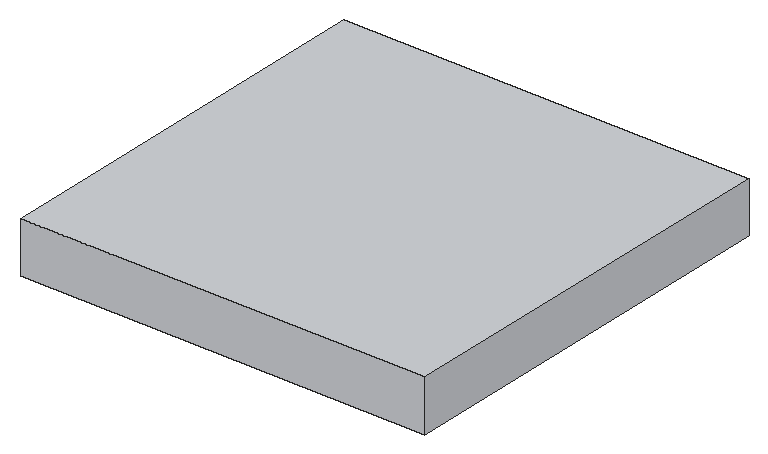
Revit family
Parameters
  material [instance] = Bimlearn
  Default Elevation = 121.92 cm
Reference planes (cm)
  plane 1 "Center (Front/Back)": y = 0
  plane 2: z = 0.5762
  plane 3 "Center (Left/Right)": x = 0
Forms (cm)
  Extrusion 1, solid
    sketch origin (0, 0, 0) x (1, 0, 0) y (0, 1, 0)
      loop
        line (-121.92, 121.92) -> (-121.92, -121.92) -> (121.92, -121.92) -> (121.92, 121.92) -> (-121.92, 121.92)
    from 0.5762 to -30.48
Dimensions and locks (cm)
  aligned and locked: plane 2 to Extrusion 1
  aligned: level to Extrusion 1
  aligned and locked: Extrusion 1 to import instance  (x2)
